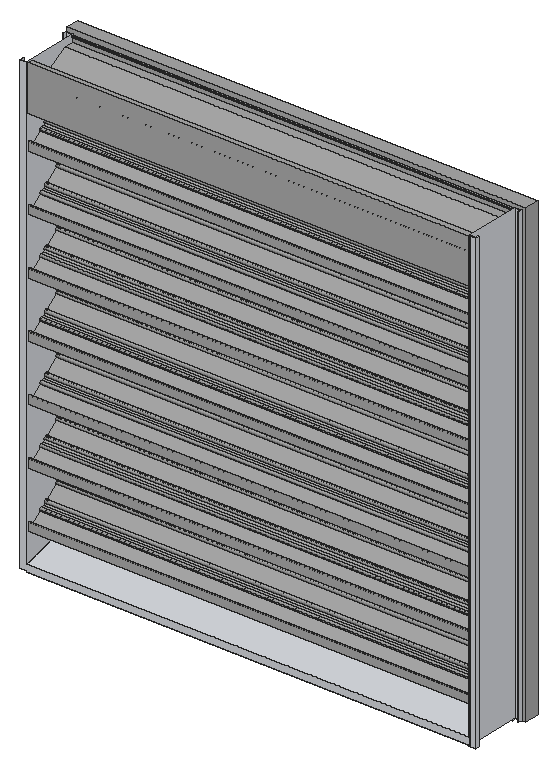
Revit family
Parameters
  Weight = "6 lb/sq.ft."  # constant formula
  Warranty = "All materials and workmanship are warranted for a period of 1 year from date of completion."  # constant formula
  URL = "http://www.industriallouvers.com"
  Surface Finish = "Aluminum, Anodized, or Kynar finish"  # constant formula
  Support Material = Aluminum
  Subcategory = "Hurricane – Florida Approved"  # constant formula
  Static Pressure Loss = ".15\" of water gage @ an air flow of 965.7 FPM free area velocity"
  Specifications  URL = "http://www.industriallouvers.com/downloads/Hurricane/653XPDC_SD.doc"
  Screen Width [instance] = Louver Width - 0' 0 1/2"  # 3' - 11 1/2"
  Screen Material = Screen Material
  Screen Height [instance] = Louver Height - 0' 0 1/2"  # 3' - 11 1/2"
  SMARTBIM URL = "http://www.SMARTBIM.com"
  SMARTBIM Object Version = 3  # constant formula
  SMARTBIM Object Created By = "SMARTBIM, LLC"  # constant formula
  SMARTBIM Contact = "mailto:SMARTBIM@SMARTBIM.com"
  Product Submittal URL = "http://www.industriallouvers.com/downloads/Hurricane/653XPDC_PS.pdf"
  Product Page URL = "http://www.industriallouvers.com/lv_fend.php"
  Number of Blades [instance] = (Louver Height - 0' 8 5/8") / 0' 6"  # 7
  Model = "653XPDC"  # constant formula
  Minimum Height = 1' - 0"  # constant formula
  Miami Dade County = "NOA # 10-1006.15"  # constant formula
  Maximum Water Penetration = ".01 oz at an air flow of >1250 FPM"  # constant formula
  Maximum Size - Single Section [instance] = "One dimension not to exceed 78\" or 300 lbs"
  Max. Design Load = "120 PSF"  # constant formula
  Material = "Aluminum"  # constant formula
  Manufacturer Toll Free Phone = "1-800-328-3421"  # constant formula
  Manufacturer Phone = "763-972-2981"  # constant formula
  Manufacturer Fax = "763-972-2911"  # constant formula
  Manufacturer Email = "mailto:ilinfo@industriallouvers.com"
  Manufacturer Address = "511 S. 7th Street, Delano, MN 55328"  # constant formula
  Manufacturer = "Industrial Louvers, Inc."  # constant formula
  Maintenance = "http://www.industriallouvers.com/prod-forms/Maintenance%20Instructions.pdf"
  Louver Width [instance] = 4' - 0"
  Louver Height [instance] = 4' - 0"
  Installation URL = ""
  Height [instance] = if(Louver Height < 1' 6", 1' 6", Louver Height + 0' 0 1/8")  # 4' - 0 1/8"
  Free Area for 48”x48” Louver = "50.0%"  # constant formula
  Free Area (ft²) for 48" x 48" Louver = "8.00"  # constant formula
  Frame Material = Aluminum
  Florida Building Code Approval = "NOA # 10-1006.15"  # constant formula
  Fill Material = Product Filling
  Description = "Hurricane – Florida Approved "  # constant formula
  Depth = 0' - 6"  # constant formula
  Default Elevation = 4' - 0"
  Cost Info = "Contact Factory"  # constant formula
  CAD Drawings = "http://www.industriallouvers.com/downloads/Hurricane/653XPDC_ACD.dwg"
  Blade Width [instance] = Louver Width - 0' 1 1/2"  # 3' - 10 1/2"
  Blade Start Height [instance] = 0' 1" + (((Louver Height - Blade Region Height) / 2) / 2) - 0' 0 5/64"  # 0' - 3 59/64"
  Blade Region Height [instance] = (Blade Count) * 0' 6" - 0' 6"  # 3' - 0"
  Blade Material = Aluminum
  Blade Count [instance] = if(((Louver Height - 0' 5 1/2") / 0' 5") < 2, 2, ((Louver Height - 0' 8 5/8") / 0' 6"))  # 7
  Assembly Code = "B2010300"
  95 CSI = "10200"  # constant formula
  04 CSI = "08 91 00"  # constant formula
Reference planes (in)
  plane 1 "Center (Front/Back)": y = -1
  plane 2: z = 0
  plane 3 "Center (Left/Right)": x = 0
  plane 4: x = -24.2
  plane 5 "Back of Blade": y = 2
  plane 6: z = 4.04688
  plane 7: z = 45.27371
  plane 8: z = 48.47554
  plane 9 "Back of Screen": y = 2.345
  plane 10: y = 2.47
  plane 11: y = 3.845
  plane 12 "Front of Louver": y = -2
  plane 13: z = 24.30027
  plane 14: x = -23.25
  plane 15: y = -4
  plane 16: z = 24.30027
  plane 17: z = 0.25
  plane 18: z = 42.74246
  plane 19: z = 47.55027
  plane 20: x = -24
  plane 21: z = 0.30027
  plane 22: z = 48.30027
  plane 23: x = 24.2
  plane 24: x = 23.25
  plane 25: x = 24
Forms (in)
  Extrusion 1, solid, material "Aluminum" <- "Blade Material"
    sketch origin (0, -24.00003, 0.33429) x (0, 1, 0) y (0, 0, 1)
      loop
        line (24.89486, 47.29598) -> (22.70035, 46.03089) -> (22.21233, 45.54286) -> (21.92803, 45.26187) -> (21.64253, 45.23689)
        arc (21.64253, 45.23689) -> (21.5615, 45.20521) -> (21.51043, 45.13476) r 0.1545
        arc (21.51043, 45.13476) -> (21.48805, 45.11491) -> (21.45931, 45.12323) r 0.031
        line (21.45931, 45.12323) -> (20.08, 46.50253) -> (20.08, 47.88598) -> (20.501, 47.88598) -> (20.501, 47.96598) -> (20, 47.96598) -> (20, 43.21598) -> (21.75281, 44.96879)
        arc (21.75281, 44.96879) -> (21.75565, 45.01962) -> (21.70546, 45.02811) r 0.03819
        arc (21.70546, 45.02811) -> (21.67822, 45.01242) -> (21.64692, 45.00954) r 0.0735
        arc (21.64692, 45.00954) -> (21.68363, 45.02868) -> (21.68244, 45.07007) r 0.039
        line (21.68244, 45.07007) -> (22.22605, 44.93942) -> (23.91152, 46.28125) -> (25.91903, 46.28125) -> (25.91903, 47.03342) -> (25.77, 47.03342) -> (25.77, 46.43342) -> (23.86534, 46.43342) -> (22.14599, 45.06742) -> (21.61959, 45.14683)
        arc (21.61959, 45.14683) -> (21.66149, 45.15628) -> (21.70152, 45.14069) r 0.0735
        arc (21.70152, 45.14069) -> (21.74261, 45.13528) -> (21.76694, 45.16882) r 0.0405
        line (21.76694, 45.16882) -> (21.97066, 45.18664) -> (22.75214, 45.96764) -> (24.92268, 47.21698) -> (25.91903, 47.21698) -> (25.91903, 47.96598) -> (25.67, 47.96598) -> (25.67, 47.88598) -> (25.839, 47.88598) -> (25.839, 47.29598) -> (24.89486, 47.29598)
      loop
        arc (21.5468, 44.87734) -> (21.55588, 44.89926) -> (21.5468, 44.92118) r 0.031
        line (21.5468, 44.92118) -> (20.08, 46.38798) -> (20.08, 43.41053) -> (21.5468, 44.87734)
    from -23.25 to 23.25
  Sweep 2, solid, material "Aluminum" <- "Support Material"
    path origin (0, -1, 0) x (1, 0, 0) y (0, 0, 1)
      loop
        line (-24.2, 48.47554) -> (-24.2, 0) -> (24.2, 0) -> (24.2, 48.47554) -> (-24.2, 48.47554)
    profile origin (0, -1, 48.47554) x (0, 0, 1) y (0, -1, 0)
      loop
        line (-1.5, -3.345) -> (-1.5, -3.47) -> (-0.125, -3.47) -> (-0.125, -4.845) -> (0, -4.845) -> (0, -3.345) -> (-1.5, -3.345)
  Extrusion 3, solid
    sketch origin (10, -22.75594, 29.61826) x (-1, 0, 0) y (0, -1, 0)
      loop
        line (33.92, -18.83594) -> (33.92, -19.13094) -> (34, -19.13094) -> (34, -18.75594) -> (33.25, -18.75594) -> (33.25, -24.75594) -> (34, -24.75594) -> (34, -24.38094) -> (33.92, -24.38094) -> (33.92, -24.67494) -> (33.33, -24.67494) -> (33.33, -18.83594) -> (33.92, -18.83594)
    from -29.31799 to 18.68201
  Extrusion 4, solid
    sketch origin (-1.8, 22.75594, 29.61826) x (1, 0, 0) y (0, 1, 0)
      loop
        line (25.71922, -26.67594) -> (25.12922, -26.67594) -> (25.12922, -20.83694) -> (25.71922, -20.83694) -> (25.71922, -21.13094) -> (25.79922, -21.13094) -> (25.79922, -20.75594) -> (25.05, -20.75594) -> (25.05, -26.75594) -> (25.79922, -26.75594) -> (25.79922, -26.38094) -> (25.71922, -26.38094) -> (25.71922, -26.67594)
    from -29.44299 to 18.68201
  Extrusion 5, solid
    sketch origin (0, 0, 0) x (0, 1, 0) y (0, 0, 1)
      loop
        line (-3.75, 0.02517) -> (-3.25, 0.02517) -> (-3.25, 0.10617) -> (-3.669, 0.10617) -> (-3.669, 0.35617) -> (-3.919, 0.35617) -> (-3.919, 0.96302) -> (-3.00527, 1.20785) -> (-2.569, 1.20785) -> (-2.569, 1.32475) -> (0.63173, 2.18238) -> (1.068, 2.18238) -> (1.068, 2.29928) -> (1.87998, 2.51685)
        arc (1.87998, 2.51685) -> (1.90687, 2.5115) -> (1.919, 2.48691) r 0.031
        line (1.919, 2.48691) -> (1.919, 0.10617) -> (1.75, 0.10617) -> (1.75, 0.02517) -> (2, 0.02517) -> (2, 6.27517) -> (1.64645, 5.92162) -> (1.761, 5.92162) -> (1.919, 6.07962) -> (1.919, 2.63495)
        arc (1.919, 2.63495) -> (1.91259, 2.61608) -> (1.89602, 2.60501) r 0.031
        line (1.89602, 2.60501) -> (-4, 1.02517) -> (-4, 0.27517) -> (-3.75, 0.27517) -> (-3.75, 0.02517)
    from -23.25 to 23.25
Cuts and joins
  joined: Extrusion 3, Extrusion 4, Extrusion 5
Dimensions and locks (in)
  plane 6 to level = 0' - 4 3/64"
  locked: plane 11 to plane 9 "Back of Screen" at 1.5
  locked: plane 10 to plane 9 "Back of Screen" at 0.125
  locked: plane 9 "Back of Screen" to plane 5 "Back of Blade" at 0.345
  equal spacing: plane 5 "Back of Blade", plane 1 "Center (Front/Back)", plane 15
  locked: plane 5 "Back of Blade" to plane 15 at 6
  locked: plane 4 to plane 14 at 0.95
  locked: plane 17 to level at 0.25
  locked: plane 7 to plane 18 at 2.53125
  equal spacing: group 1, group 3, group 4, group 5, group 6, group 7, group 2  (x3)
  nested 4 to plane 6 = 0' - 5.97607"
  locked: plane 8 to plane 19 at 0.92527
  locked: plane 4 to plane 20 at 0.2
  locked: plane 22 to plane 8 at 0.17527
  locked: plane 21 to plane 6 at 3.74661
  "Louver Height": plane 21 to plane 22
  equal spacing: plane 21, plane 16, plane 22
  locked: plane 23 to plane 24 at 0.95
  locked: plane 23 to plane 25 at 0.2
  equal spacing: plane 20, plane 3 "Center (Left/Right)", plane 25
  "Louver Width": plane 20 to plane 25
  Extrusion 4 sketch curve to Extrusion 4 sketch curve to Extrusion 4 sketch curve to Extrusion 4 sketch curve = 0' - 0.07922" locked, 0' - 0.59" locked, 0' - 0.08" locked
  Extrusion 4 sketch curve to Extrusion 4 sketch curve to Extrusion 4 sketch curve = 0' - 0.59" locked, 0' - 0.08" locked
  locked: plane 19 to plane 7 at 2.27656
  aligned and locked: Sweep 2 sketch curve to plane 8
  aligned and locked: Sweep 2 sketch curve to level
  aligned and locked: Sweep 2 sketch curve to plane 4
  aligned and locked: Sweep 2 to plane 9 "Back of Screen"
  aligned and locked: nested 1 to plane 9 "Back of Screen"
  aligned and locked: nested 1 to plane 5 "Back of Blade"
  aligned and locked: plane 3 "Center (Left/Right)" to nested 1
  aligned and locked: plane 16 to plane 13
  aligned and locked: plane 17 to nested 1
  aligned and locked: plane 3 "Center (Left/Right)" to nested 2
  aligned and locked: plane 6 to nested 2
  aligned and locked: nested 2 to plane 5 "Back of Blade"
  aligned and locked: nested 3 to plane 5 "Back of Blade"
  aligned: plane 18 to nested 3
  aligned: Extrusion 1 to plane 19
  aligned and locked: Extrusion 1 to plane 14
  aligned and locked: Extrusion 1 to plane 24
  aligned and locked: plane 24 to Extrusion 4
  aligned and locked: plane 23 to Sweep 2 sketch curve
  aligned and locked: Extrusion 4 to plane 22
  aligned and locked: Extrusion 3 to plane 22
  aligned and locked: Extrusion 5 to plane 24
  aligned and locked: Extrusion 5 to plane 14
  aligned and locked: plane 7 to nested 3
Automatic sketch dimensions
  profile plane to Sweep 2 sketch curve = 0' - 0"
  Sweep 2 sketch curve to Sweep 2 sketch curve = 0' - 0 1/8"  (x2)
  Sweep 2 sketch curve to Sweep 2 sketch curve = 0' - 1 3/8"  (x2)
  Sweep 2 sketch curve to plane 1 "Center (Front/Back)" = 0' - 4.845"
  Extrusion 3 sketch curve to plane 14 = 0' - 0"
  Extrusion 3 sketch curve to plane 20 = 0' - 0"  (x2)
  plane 15 to Extrusion 3 sketch curve = 0' - 0"
  Extrusion 3 sketch curve to plane 5 "Back of Blade" = 0' - 0"
  Extrusion 3 sketch curve to plane 14 = 0' - 0.08"
  Extrusion 3 sketch curve to plane 20 = 0' - 0.08"  (x2)
  Extrusion 3 sketch curve to plane 5 "Back of Blade" = 0' - 0.081"
  Extrusion 3 sketch curve to Extrusion 3 sketch curve = 0' - 0.294"
  Extrusion 3 sketch curve to Extrusion 3 sketch curve = 0' - 0 3/8"
  Extrusion 3 sketch curve to plane 15 = 0' - 0.08"
  plane 15 to Extrusion 4 sketch curve = 0' - 0"
  Extrusion 4 sketch curve to plane 5 "Back of Blade" = 0' - 0"
  Extrusion 4 sketch curve to plane 24 = 0' - 0"
  Extrusion 4 sketch curve to plane 15 = 0' - 0.08"
  Extrusion 4 sketch curve to plane 5 "Back of Blade" = 0' - 0.081"
  Extrusion 4 sketch curve to Extrusion 4 sketch curve = 0' - 0.295"
  Extrusion 4 sketch curve to Extrusion 4 sketch curve = 0' - 0.294"
  Extrusion 5 sketch curve to plane 15 = 0' - 0"
  Extrusion 5 sketch curve to plane 5 "Back of Blade" = 0' - 0"
  Extrusion 5 sketch curve to plane 15 = 0' - 0.081"
  level to Extrusion 5 sketch curve = 0' - 0.02517"  (x2)
  Extrusion 5 sketch curve to plane 15 = 0' - 0 1/4"
  Extrusion 5 sketch curve to Extrusion 5 sketch curve = 0' - 0.081"  (x2)
  level to Extrusion 5 sketch curve = 0' - 0.10617"
  Extrusion 5 sketch curve to Extrusion 5 sketch curve = 0' - 0.419"
  Extrusion 5 sketch curve to Extrusion 5 sketch curve = 0' - 0.91373"
  Extrusion 5 sketch curve to Extrusion 5 sketch curve = 0' - 0.43627"  (x2)
  Extrusion 5 sketch curve to plane 5 "Back of Blade" = 0' - 1.36827"
  Extrusion 5 sketch curve to plane 5 "Back of Blade" = 0' - 0.35355"
  Extrusion 5 sketch curve to plane 5 "Back of Blade" = 0' - 0 1/4"
  Extrusion 5 sketch curve to Extrusion 5 sketch curve = 0' - 0.11455"
  Extrusion 5 sketch curve to plane 5 "Back of Blade" = 0' - 0.12002"
  Extrusion 5 sketch curve to Extrusion 5 sketch curve = 0' - 0.00802"  (x2)
  Extrusion 5 sketch curve to plane 5 "Back of Blade" = 0' - 0.112"
  Extrusion 5 sketch curve to plane 5 "Back of Blade" = 0' - 0.081"
  Extrusion 5 sketch curve to Extrusion 5 sketch curve = 0' - 0.031"
  plane 21 to Extrusion 5 sketch curve = 0' - 0.0251"
  Extrusion 5 sketch curve to plane 21 = 0' - 0.0559"
  Extrusion 5 sketch curve to Extrusion 5 sketch curve = 0' - 0.60685"
  Extrusion 5 sketch curve to Extrusion 5 sketch curve = 0' - 0.06215"
  Extrusion 5 sketch curve to plane 21 = 0' - 0.90758"
  Extrusion 5 sketch curve to Extrusion 5 sketch curve = 0' - 0.1169"  (x2)
  Extrusion 5 sketch curve to plane 6 = 0' - 1.86449"
  Extrusion 5 sketch curve to Extrusion 5 sketch curve = 0' - 0.30452"
  Extrusion 5 sketch curve to Extrusion 5 sketch curve = 0' - 0.08816"
  plane 6 to Extrusion 5 sketch curve = 0' - 1.87474"
  Extrusion 5 sketch curve to Extrusion 5 sketch curve = 0' - 0.158"
  Extrusion 5 sketch curve to Extrusion 5 sketch curve = 0' - 0.19555"
  Extrusion 1 sketch curve to Extrusion 1 sketch curve = 0' - 0"  (x5)
  Extrusion 1 sketch curve to plane 22 = 0' - 0"  (x3)
  plane 15 to Extrusion 1 sketch curve = 0' - 0.00003"
  Extrusion 1 sketch curve to plane 15 = 0' - 0.07997"  (x4)
  Extrusion 1 sketch curve to Extrusion 1 sketch curve = 0' - 0.421"
  plane 12 "Front of Louver" to Extrusion 1 sketch curve = 0' - 0.54073"
  Extrusion 1 sketch curve to Extrusion 1 sketch curve = 0' - 0.02192"  (x4)
  Extrusion 1 sketch curve to Extrusion 1 sketch curve = 0' - 0.02921"
  Extrusion 1 sketch curve to Extrusion 1 sketch curve = 0' - 0.06558"
  Extrusion 1 sketch curve to Extrusion 1 sketch curve = 0' - 0.1321"
  Extrusion 1 sketch curve to Extrusion 1 sketch curve = 0' - 0.14557"
  Extrusion 1 sketch curve to Extrusion 1 sketch curve = 0' - 0.03641"
  Extrusion 1 sketch curve to Extrusion 1 sketch curve = 0' - 0.08587"
  Extrusion 1 sketch curve to Extrusion 1 sketch curve = 0' - 0.02509"
  Extrusion 1 sketch curve to Extrusion 1 sketch curve = 0' - 0.027"  (x2)
  Extrusion 1 sketch curve to Extrusion 1 sketch curve = 0' - 0.04033"
  plane 12 "Front of Louver" to Extrusion 1 sketch curve = 0' - 0.072"
  plane 12 "Front of Louver" to Extrusion 1 sketch curve = 0' - 0.02937"
  Extrusion 1 sketch curve to plane 12 "Front of Louver" = 0' - 0.21229"
  plane 1 "Center (Front/Back)" to Extrusion 1 sketch curve = 0' - 0.29968"
  Extrusion 1 sketch curve to Extrusion 1 sketch curve = 0' - 0.05179"
  plane 19 to Extrusion 1 sketch curve = 0' - 0.001"
  Extrusion 1 sketch curve to plane 5 "Back of Blade" = 0' - 0.33003"
  plane 22 to Extrusion 1 sketch curve = 0' - 0.08"  (x3)
  Extrusion 1 sketch curve to plane 5 "Back of Blade" = 0' - 0.16103"
  Extrusion 1 sketch curve to plane 5 "Back of Blade" = 0' - 0.081"  (x2)
  Extrusion 1 sketch curve to plane 19 = 0' - 1.18509"
  Extrusion 1 sketch curve to Extrusion 1 sketch curve = 0' - 0.06325"
  Extrusion 1 sketch curve to Extrusion 1 sketch curve = 0' - 0.42478"
  Extrusion 1 sketch curve to Extrusion 1 sketch curve = 0' - 0.28099"
  Extrusion 1 sketch curve to Extrusion 1 sketch curve = 0' - 0.02498"
  Extrusion 1 sketch curve to Extrusion 1 sketch curve = 0' - 0.07523"
  Extrusion 1 sketch curve to Extrusion 1 sketch curve = 0' - 0.06441"
  Extrusion 1 sketch curve to Extrusion 1 sketch curve = 0' - 0.00366"
  Extrusion 1 sketch curve to Extrusion 1 sketch curve = 0' - 0.22565"
  Extrusion 1 sketch curve to Extrusion 1 sketch curve = 0' - 1.4668"
  Extrusion 1 sketch curve to Extrusion 1 sketch curve = 0' - 0.19455"
  Extrusion 1 sketch curve to plane 19 = 0' - 0.71345"
  plane 19 to Extrusion 1 sketch curve = 0' - 0.08"
  Extrusion 1 sketch curve to Extrusion 1 sketch curve = 0' - 0.94414"
  Extrusion 1 sketch curve to Extrusion 1 sketch curve = 0' - 0.02782"
  Extrusion 1 sketch curve to Extrusion 1 sketch curve = 0' - 0.11455"
  Extrusion 1 sketch curve to Extrusion 1 sketch curve = 0' - 0.14903"
  Extrusion 1 sketch curve to plane 19 = 0' - 0.78256"
  Extrusion 1 sketch curve to plane 19 = 0' - 0.18256"
  Extrusion 1 sketch curve to plane 1 "Center (Front/Back)" = 0' - 0.8653"
  Extrusion 1 sketch curve to Extrusion 1 sketch curve = 0' - 0.04619"
  Extrusion 1 sketch curve to Extrusion 1 sketch curve = 0' - 0.15218"
  Extrusion 1 sketch curve to plane 12 "Front of Louver" = 0' - 0.14596"
  Extrusion 1 sketch curve to Extrusion 1 sketch curve = 0' - 0.11922"
  Extrusion 1 sketch curve to Extrusion 1 sketch curve = 0' - 0.00908"
  Extrusion 1 sketch curve to Extrusion 1 sketch curve = 0' - 0.006"
  Extrusion 1 sketch curve to Extrusion 1 sketch curve = 0' - 0.02302"
  Extrusion 1 sketch curve to Extrusion 1 sketch curve = 0' - 0.08006"
  Extrusion 1 sketch curve to Extrusion 1 sketch curve = 0' - 0.128"
  Extrusion 1 sketch curve to Extrusion 1 sketch curve = 0' - 0.04196"
  Extrusion 1 sketch curve to Extrusion 1 sketch curve = 0' - 0.03456"
  Extrusion 1 sketch curve to Extrusion 1 sketch curve = 0' - 0.00614"
  Extrusion 1 sketch curve to Extrusion 1 sketch curve = 0' - 0.07963"
  Extrusion 1 sketch curve to Extrusion 1 sketch curve = 0' - 0.0005"
Nested families (in)
  nested 1: "Louver Screen" at (18, 2, 0.25), Height <- "Screen Height", Width <- "Screen Width", type "Louver Screen"
    with Width 3' - 11 1/2", Height 3' - 11 1/2", Depth 0' - 0.345"
  nested 2: "Louver-Blade_653XPDC_IndustrialLouver" at (0, 2, 4.04688), type "Louver-Blade_653XPDC_IndustrialLouver"
  nested 3: "Louver-Blade_653XPDC_IndustrialLouver" at (0, 2, 39.90329), type "Louver-Blade_653XPDC_IndustrialLouver"
  nested 4: "Louver-Blade_653XPDC_IndustrialLouver" at (0, 2, 10.02294), type "Louver-Blade_653XPDC_IndustrialLouver"
  nested 5: "Louver-Blade_653XPDC_IndustrialLouver" at (0, 2, 15.99901), type "Louver-Blade_653XPDC_IndustrialLouver"
  nested 6: "Louver-Blade_653XPDC_IndustrialLouver" at (0, 2, 21.97508), type "Louver-Blade_653XPDC_IndustrialLouver"
  nested 7: "Louver-Blade_653XPDC_IndustrialLouver" at (0, 2, 27.95115), type "Louver-Blade_653XPDC_IndustrialLouver"
  nested 8: "Louver-Blade_653XPDC_IndustrialLouver" at (0, 2, 33.92722), type "Louver-Blade_653XPDC_IndustrialLouver"
Connectors (in)
  hvac at (0, 2.47, 24.23777), driven by "Louver Width", driven by "Louver Height"
    settings: on Sweep 2, index 1
Definition of nested family "Louver Screen"
  Parameters (values of type "Louver Screen")
    Width [instance] = 5' - 0"
    Screen Frame = Aluminum
    Screen = Screen Material
    Height [instance] = 2' - 0"
    Depth [instance] = 0' - 0 115/256"
  Reference planes (in)
    plane 1 "Front": y = 0
    plane 2: z = 0
    plane 3 "Center (Left/Right)": x = -18
    plane 4: x = -48
    plane 5: x = 12
    plane 6: z = 24
    plane 7: x = -47.25
    plane 8: x = 11.25
    plane 9: z = 23.25
    plane 10: z = 0.75
    plane 11 "Back": y = 0.44922
    plane 12 "Center (Front/Back)": y = 0.22461
    plane 13: y = 0.19336
    plane 14: y = 0.25586
  Forms (in)
    Sweep 1, solid, material "Aluminum" <- "Screen Frame"
      path origin (0, 0, 0) x (1, 0, 0) y (0, 0, 1)
        loop
          line (-48, 24) -> (-48, 0) -> (12, 0) -> (12, 24) -> (-48, 24)
      profile origin (-18, 0, 24) x (0, 0, 1) y (0, -1, 0)
        loop
          line (0, 0) -> (-0.75, 0) -> (-0.75, -0.44922) -> (0, -0.44922) -> (0, 0)
    Extrusion 2, solid, material "Screen Material" <- "Screen"
      sketch origin (0, 0, 0) x (1, 0, 0) y (0, 0, 1)
        loop
          line (-47.25, 0.75) -> (11.25, 0.75) -> (11.25, 23.25) -> (-47.25, 23.25) -> (-47.25, 0.75)
      from -0.19336 to -0.25586
  Dimensions and locks (in)
    equal spacing: plane 4, plane 3 "Center (Left/Right)", plane 5
    "Width": plane 4 to plane 5
    "Height": plane 6 to level
    locked: Sweep 1 sketch curve to Sweep 1 sketch curve at 0.75
    locked: plane 6 to plane 9 at 0.75
    locked: plane 4 to plane 7 at 0.75
    locked: plane 5 to plane 8 at 0.75
    locked: plane 10 to level at 0.75
    "Depth": plane 1 "Front" to plane 11 "Back"
    equal spacing: plane 1 "Front", plane 12 "Center (Front/Back)", plane 11 "Back"
    plane 14 to plane 12 "Center (Front/Back)" to plane 13 = 0' - 0 1/32" locked, 0' - 0 1/32" locked
    aligned and locked: Sweep 1 sketch curve to plane 6
    aligned and locked: Sweep 1 sketch curve to plane 4
    aligned and locked: Sweep 1 sketch curve to level
    aligned and locked: Sweep 1 sketch curve to plane 5
    aligned and locked: Extrusion 2 sketch curve to plane 7
    aligned and locked: Extrusion 2 sketch curve to plane 9
    aligned and locked: Extrusion 2 sketch curve to plane 10
    aligned and locked: Extrusion 2 sketch curve to plane 8
    aligned and locked: plane 11 "Back" to Sweep 1
    aligned and locked: plane 1 "Front" to Sweep 1 sketch curve
    aligned and locked: plane 11 "Back" to Sweep 1 sketch curve
    aligned and locked: plane 14 to Extrusion 2
    aligned and locked: Extrusion 2 to plane 13
  Automatic sketch dimensions
    profile plane to Sweep 1 sketch curve = 0' - 0"
Definition of nested family "Louver-Blade_653XPDC_IndustrialLouver"
  Parameters (values of type "Louver-Blade_653XPDC_IndustrialLouver")
    Width = 3' - 10 1/2"
    Fill Material = Product Filling
    Blade Material = Aluminum
    Assembly Code = ""
  Reference planes (in)
    plane 1 "Center (Front/Back)": y = 0
    plane 2: z = 0
    plane 3 "Center (Left/Right)": x = 0
    plane 4: x = -23.25
    plane 5: x = 23.25
    plane 6: z = 5.37042
    plane 7: z = 2.68521
  Forms (in)
    Extrusion 1, solid, material "Aluminum" <- "Blade Material"
      sketch origin (0, 0, 0.11613) x (0, 1, 0) y (0, 0, 1)
        loop
          line (-0.081, 4.41549) -> (-0.47271, 4.11333)
          arc (-0.47271, 4.11333) -> (-0.74463, 4.19115) -> (-0.73988, 3.90836) r 0.176
          line (-0.73988, 3.90836) -> (-1.97102, 2.96524)
          arc (-1.97102, 2.96524) -> (-2.24293, 3.04299) -> (-2.23817, 2.76022) r 0.176
          line (-2.23817, 2.76022) -> (-3.46856, 1.81613)
          arc (-3.46856, 1.81613) -> (-3.74048, 1.89389) -> (-3.73572, 1.61112) r 0.176
          line (-3.73572, 1.61112) -> (-3.91686, 1.47212) -> (-4.27747, 1.44057)
          arc (-4.27747, 1.44057) -> (-4.41059, 1.33545) -> (-4.36701, 1.17152) r 0.1545
          arc (-4.36701, 1.17152) -> (-4.35704, 1.14803) -> (-4.36875, 1.12536) r 0.03
          line (-4.36875, 1.12536) -> (-5.794, 0.03168) -> (-5.794, 0.67187) -> (-5.68832, 0.5662) -> (-5.68832, 0.68075) -> (-5.875, 0.86742) -> (-5.875, -0.13258) -> (-4.17318, 1.17333)
          arc (-4.17318, 1.17333) -> (-4.16687, 1.22402) -> (-4.21764, 1.22963) r 0.03587
          arc (-4.21764, 1.22963) -> (-4.23809, 1.21788) -> (-4.2612, 1.21322) r 0.0735
          arc (-4.2612, 1.21322) -> (-4.23377, 1.23684) -> (-4.23759, 1.27285) r 0.039
          line (-4.23759, 1.27285) -> (-3.69398, 1.1422) -> (-2.0085, 2.48403) -> (0, 2.48403) -> (0, 3.2362) -> (-0.15003, 3.2362) -> (-0.15003, 2.6362) -> (-2.05469, 2.6362) -> (-3.77395, 1.27027) -> (-4.23349, 1.33083) -> (-4.31508, 1.33951)
          arc (-4.31508, 1.33951) -> (-4.26743, 1.36008) -> (-4.21807, 1.34405) r 0.0735
          arc (-4.21807, 1.34405) -> (-4.17946, 1.33861) -> (-4.15615, 1.36988) r 0.03824
          line (-4.15615, 1.36988) -> (-3.88628, 1.39349) -> (-3.63163, 1.58889)
          arc (-3.63163, 1.58889) -> (-3.61703, 1.63056) -> (-3.64937, 1.66063) r 0.04032
          arc (-3.64937, 1.66063) -> (-3.69116, 1.82963) -> (-3.53873, 1.74552) r 0.095
          arc (-3.53873, 1.74552) -> (-3.51806, 1.70651) -> (-3.47404, 1.70982) r 0.04032
          line (-3.47404, 1.70982) -> (-2.13408, 2.73799)
          arc (-2.13408, 2.73799) -> (-2.11949, 2.77967) -> (-2.15182, 2.80973) r 0.04033
          arc (-2.15182, 2.80973) -> (-2.19361, 2.97874) -> (-2.04119, 2.89463) r 0.095
          arc (-2.04119, 2.89463) -> (-2.02053, 2.85562) -> (-1.97651, 2.85891) r 0.04032
          line (-1.97651, 2.85891) -> (-0.63591, 3.88606)
          arc (-0.63591, 3.88606) -> (-0.62126, 3.92777) -> (-0.65361, 3.95789) r 0.04037
          arc (-0.65361, 3.95789) -> (-0.69528, 4.12693) -> (-0.54291, 4.0427) r 0.095
          arc (-0.54291, 4.0427) -> (-0.52225, 4.00369) -> (-0.47823, 4.00706) r 0.04028
          line (-0.47823, 4.00706) -> (0, 4.37554) -> (0, 5.25052) -> (-0.2955, 5.01965) -> (-0.24564, 4.95582) -> (-0.081, 5.08445) -> (-0.081, 4.41549)
      from -23.25 to 23.25
  Dimensions and locks (in)
    equal spacing: plane 4, plane 3 "Center (Left/Right)", plane 5
    "Width": plane 4 to plane 5
    equal spacing: plane 6, plane 7, level
    locked: plane 6 to level at 5.37042
    aligned and locked: Extrusion 1 to plane 4
    aligned and locked: plane 5 to Extrusion 1
  Automatic sketch dimensions
    Extrusion 1 sketch curve to Extrusion 1 sketch curve = 0' - 0"  (x24)
    Extrusion 1 sketch curve to plane 1 "Center (Front/Back)" = 0' - 0"  (x2)
    plane 1 "Center (Front/Back)" to Extrusion 1 sketch curve = 0' - 0.081"
    plane 1 "Center (Front/Back)" to Extrusion 1 sketch curve = 0' - 0.15003"
    Extrusion 1 sketch curve to Extrusion 1 sketch curve = 0' - 0.16464"
    Extrusion 1 sketch curve to Extrusion 1 sketch curve = 0' - 0.04987"
    plane 1 "Center (Front/Back)" to Extrusion 1 sketch curve = 0' - 0.47271"
    Extrusion 1 sketch curve to Extrusion 1 sketch curve = 0' - 0.00551"
    Extrusion 1 sketch curve to Extrusion 1 sketch curve = 0' - 0.02458"
    Extrusion 1 sketch curve to Extrusion 1 sketch curve = 0' - 0.0401"
    Extrusion 1 sketch curve to Extrusion 1 sketch curve = 0' - 0.093"
    Extrusion 1 sketch curve to Extrusion 1 sketch curve = 0' - 0.09459"
    Extrusion 1 sketch curve to Extrusion 1 sketch curve = 0' - 0.01771"
    Extrusion 1 sketch curve to Extrusion 1 sketch curve = 0' - 0.02455"  (x3)
    Extrusion 1 sketch curve to Extrusion 1 sketch curve = 0' - 0.07942"
    Extrusion 1 sketch curve to Extrusion 1 sketch curve = 0' - 1.23114"
    Extrusion 1 sketch curve to Extrusion 1 sketch curve = 0' - 0.00549"
    Extrusion 1 sketch curve to Extrusion 1 sketch curve = 0' - 0.02452"
    Extrusion 1 sketch curve to Extrusion 1 sketch curve = 0' - 0.03199"  (x3)
    Extrusion 1 sketch curve to Extrusion 1 sketch curve = 0' - 0.04015"  (x2)
    Extrusion 1 sketch curve to Extrusion 1 sketch curve = 0' - 0.04619"
    Extrusion 1 sketch curve to Extrusion 1 sketch curve = 0' - 0.07939"
    Extrusion 1 sketch curve to Extrusion 1 sketch curve = 0' - 0.0946"  (x2)
    Extrusion 1 sketch curve to Extrusion 1 sketch curve = 0' - 0.01774"  (x2)
    Extrusion 1 sketch curve to Extrusion 1 sketch curve = 0' - 0.00681"
    Extrusion 1 sketch curve to Extrusion 1 sketch curve = 0' - 0.07954"  (x2)
    Extrusion 1 sketch curve to Extrusion 1 sketch curve = 0' - 1.23039"
    Extrusion 1 sketch curve to Extrusion 1 sketch curve = 0' - 0.00547"
    Extrusion 1 sketch curve to Extrusion 1 sketch curve = 0' - 0.21994"
    Extrusion 1 sketch curve to Extrusion 1 sketch curve = 0' - 0.0929"
    level to Extrusion 1 sketch curve = 0' - 1.25833"
    Extrusion 1 sketch curve to Extrusion 1 sketch curve = 0' - 0.07997"
    Extrusion 1 sketch curve to Extrusion 1 sketch curve = 0' - 0.11233"
    Extrusion 1 sketch curve to Extrusion 1 sketch curve = 0' - 0.03058"
    Extrusion 1 sketch curve to Extrusion 1 sketch curve = 0' - 0.23929"
    Extrusion 1 sketch curve to Extrusion 1 sketch curve = 0' - 0.01703"
    Extrusion 1 sketch curve to Extrusion 1 sketch curve = 0' - 0.03803"
    Extrusion 1 sketch curve to Extrusion 1 sketch curve = 0' - 0.02184"
    Extrusion 1 sketch curve to Extrusion 1 sketch curve = 0' - 0.02262"
    Extrusion 1 sketch curve to Extrusion 1 sketch curve = 0' - 0.02389"
    Extrusion 1 sketch curve to Extrusion 1 sketch curve = 0' - 0.01542"
    Extrusion 1 sketch curve to Extrusion 1 sketch curve = 0' - 0.01995"
    Extrusion 1 sketch curve to Extrusion 1 sketch curve = 0' - 0.04356"
    Extrusion 1 sketch curve to Extrusion 1 sketch curve = 0' - 0.02641"
    Extrusion 1 sketch curve to Extrusion 1 sketch curve = 0' - 0.00603"
    Extrusion 1 sketch curve to Extrusion 1 sketch curve = 0' - 0.08329"
    Extrusion 1 sketch curve to Extrusion 1 sketch curve = 0' - 0.05108"
    Extrusion 1 sketch curve to Extrusion 1 sketch curve = 0' - 0.10581"
    Extrusion 1 sketch curve to Extrusion 1 sketch curve = 0' - 0.00174"
    Extrusion 1 sketch curve to Extrusion 1 sketch curve = 0' - 0.01826"
    level to Extrusion 1 sketch curve = 0' - 0 51/64"
    Extrusion 1 sketch curve to Extrusion 1 sketch curve = 0' - 1.30131"
    level to Extrusion 1 sketch curve = 0' - 0.14781"
    Extrusion 1 sketch curve to Extrusion 1 sketch curve = 0' - 0.10568"
    Extrusion 1 sketch curve to level = 0' - 0.01645"
    Extrusion 1 sketch curve to Extrusion 1 sketch curve = 0' - 0.081"
    Extrusion 1 sketch curve to Extrusion 1 sketch curve = 0' - 0.11455"
    Extrusion 1 sketch curve to Extrusion 1 sketch curve = 0' - 0.00888"
    Extrusion 1 sketch curve to Extrusion 1 sketch curve = 0' - 0.19555"
    Extrusion 1 sketch curve to Extrusion 1 sketch curve = 0' - 0.09952"
    Extrusion 1 sketch curve to Extrusion 1 sketch curve = 0' - 0.02222"  (x2)
    Extrusion 1 sketch curve to Extrusion 1 sketch curve = 0' - 0.6"
    Extrusion 1 sketch curve to Extrusion 1 sketch curve = 0' - 0.64986"
    Extrusion 1 sketch curve to Extrusion 1 sketch curve = 0' - 0.0223"
    Extrusion 1 sketch curve to Extrusion 1 sketch curve = 0' - 0.03205"
    Extrusion 1 sketch curve to Extrusion 1 sketch curve = 0' - 0.26221"
    Extrusion 1 sketch curve to Extrusion 1 sketch curve = 0' - 0.03995"
    Extrusion 1 sketch curve to Extrusion 1 sketch curve = 0' - 0.06383"
    Extrusion 1 sketch curve to plane 6 = 0' - 0.29847"
    Extrusion 1 sketch curve to Extrusion 1 sketch curve = 0' - 0.01685"
    Extrusion 1 sketch curve to Extrusion 1 sketch curve = 0' - 0.0238"
    Extrusion 1 sketch curve to Extrusion 1 sketch curve = 0' - 0.11333"
    Extrusion 1 sketch curve to Extrusion 1 sketch curve = 0' - 0.12807"
    Extrusion 1 sketch curve to Extrusion 1 sketch curve = 0' - 0.04417"
    Extrusion 1 sketch curve to Extrusion 1 sketch curve = 0' - 0.05285"
    Extrusion 1 sketch curve to Extrusion 1 sketch curve = 0' - 0.12321"
    Extrusion 1 sketch curve to Extrusion 1 sketch curve = 0' - 0.07863"
    Extrusion 1 sketch curve to Extrusion 1 sketch curve = 0' - 0.11677"
    Extrusion 1 sketch curve to Extrusion 1 sketch curve = 0' - 2.47179"
    Extrusion 1 sketch curve to Extrusion 1 sketch curve = 0' - 0.15218"
    Extrusion 1 sketch curve to Extrusion 1 sketch curve = 0' - 0.10179"
